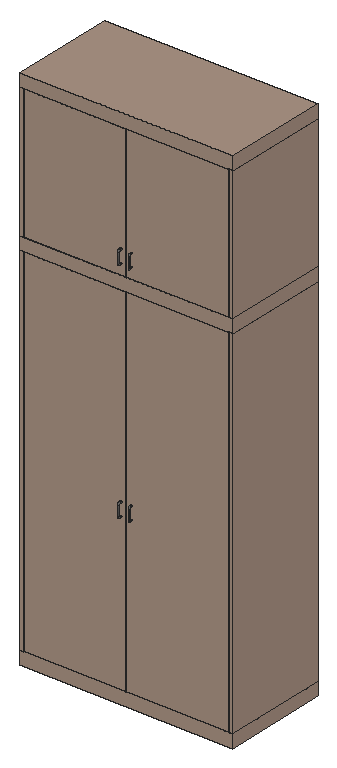
Revit family
Parameters (values of type "1200 x 600 mm")
  Width = 600 mm
  Material of Wardrobe = Wardrobe Material
  Wardrobe Height = 2100 mm
  Loft Storage Height = 825 mm
  Length = 1200 mm
  Material of Handle = Handle Material
Reference planes
  plane 1 "Center (Front/Back)": y = 0
  plane 2: z = 0
  plane 3 "Center (Left/Right)": x = 0
  plane 4: x = -600
  plane 5: x = 600
  plane 6: y = 300
  plane 7: y = -300
  plane 8: z = 2100
  plane 9: z = 2925
  plane 10: z = 3000
Forms (mm)
  Extrusion 1, solid, material "Wardrobe Material" <- "Material of Wardrobe"
    sketch origin (0, 0, 0) x (1, 0, 0) y (0, 1, 0)
      loop
        line (-600, 300) -> (-600, -300) -> (600, -300) -> (600, 300) -> (-600, 300)
    from 0 to 75
  Extrusion 2, solid, material "Wardrobe Material" <- "Material of Wardrobe"
    sketch origin (0, 0, 0) x (1, 0, 0) y (0, 1, 0)
      loop
        line (-600, 300) -> (-600, -300) -> (-581.213, -300) -> (-581.213, 281) -> (581.213, 281) -> (581.213, -300) -> (600, -300) -> (600, 300) -> (-600, 300)
      loop
        line (581, -300) -> (581, -281) -> (5, -281) -> (5, -300) -> (581, -300)
      loop
        line (-5, -281) -> (-581, -281) -> (-581, -300) -> (-5, -300) -> (-5, -281)
    from 75 to 2100
  Extrusion 3, solid, material "Wardrobe Material" <- "Material of Wardrobe"
    sketch origin (0, 0, 2100) x (0, -1, 0) y (-1, 0, 0)
      loop
        line (-300, 600) -> (-300, -600) -> (300, -600) -> (300, 600) -> (-300, 600)
    from 0 to -75
  Extrusion 4, solid, material "Wardrobe Material" <- "Material of Wardrobe"
    sketch origin (0, 0, 2100) x (0, -1, 0) y (-1, 0, 0)
      loop
        line (-300, 600) -> (-300, -600) -> (300, -600) -> (300, -581.213) -> (-281, -581.213) -> (-281, 581.213) -> (300, 581.213) -> (300, 600) -> (-300, 600)
      loop
        line (281, -581) -> (300, -581) -> (300, -5) -> (281, -5) -> (281, -581)
      loop
        line (281, 5) -> (300, 5) -> (300, 581) -> (281, 581) -> (281, 5)
    from -75 to -825
  Extrusion 5, solid, material "Wardrobe Material" <- "Material of Wardrobe"
    sketch origin (0, 0, 2925) x (0, -1, 0) y (-1, 0, 0)
      loop
        line (-300, 600) -> (-300, -600) -> (300, -600) -> (300, 600) -> (-300, 600)
    from 0 to -75
  Sweep 6, solid, material "Handle Material" <- "Material of Handle"
    path origin (0, 0, 0) x (0, 1, 0) y (0, 0, 1)
      loop
        line (-300, 950) -> (-311.884, 950)
        arc (-311.884, 950) -> (-318.054, 952.556) -> (-320.609, 958.725) r 8.725
        line (-320.609, 958.725) -> (-320.609, 1021.06)
        arc (-320.609, 1021.06) -> (-318.054, 1027.229) -> (-311.884, 1029.785) r 8.725
        line (-311.884, 1029.785) -> (-300, 1029.785)
    profile origin (0, 0, 989.892) x (0, -1, 0) y (1, 0, 0)
      loop
        circle (317.621, -29.622) r 3
  Sweep 7, solid, material "Handle Material" <- "Material of Handle"
    path origin (0, 0, 0) x (0, 1, 0) y (0, 0, -1)
      loop
        line (-300, -950) -> (-311.884, -950)
        arc (-311.884, -950) -> (-318.054, -952.556) -> (-320.609, -958.725) r 8.725
        line (-320.609, -958.725) -> (-320.609, -1021.06)
        arc (-320.609, -1021.06) -> (-318.054, -1027.229) -> (-311.884, -1029.785) r 8.725
        line (-311.884, -1029.785) -> (-300, -1029.785)
    profile origin (0, 0, 989.892) x (1, 0, 0) y (0, 1, 0)
      loop
        circle (29.622, -317.621) r 3
  Sweep 8, solid, material "Handle Material" <- "Material of Handle"
    path origin (0, 0, 1280) x (0, 1, 0) y (0, 0, 1)
      loop
        line (-300, 950) -> (-311.884, 950)
        arc (-311.884, 950) -> (-318.054, 952.556) -> (-320.609, 958.725) r 8.725
        line (-320.609, 958.725) -> (-320.609, 1021.06)
        arc (-320.609, 1021.06) -> (-318.054, 1027.229) -> (-311.884, 1029.785) r 8.725
        line (-311.884, 1029.785) -> (-300, 1029.785)
    profile origin (0, 0, 2269.892) x (0, -1, 0) y (1, 0, 0)
      loop
        circle (317.621, -29.622) r 3
  Sweep 9, solid, material "Handle Material" <- "Material of Handle"
    path origin (0, 0, 1280) x (0, 1, 0) y (0, 0, -1)
      loop
        line (-300, -950) -> (-311.884, -950)
        arc (-311.884, -950) -> (-318.054, -952.556) -> (-320.609, -958.725) r 8.725
        line (-320.609, -958.725) -> (-320.609, -1021.06)
        arc (-320.609, -1021.06) -> (-318.054, -1027.229) -> (-311.884, -1029.785) r 8.725
        line (-311.884, -1029.785) -> (-300, -1029.785)
    profile origin (0, 0, 2269.892) x (1, 0, 0) y (0, 1, 0)
      loop
        circle (29.622, -317.621) r 3
Lines and regions (mm)
  Masking region 1
    outline origin (0, 0, 2925) x (0, -1, 0) y (1, 0, 0)
      loop
        line (-300, 600) -> (-300, -600) -> (300, -600) -> (300, 600) -> (-300, 600)
Dimensions and locks
  equal spacing: plane 4, plane 3 "Center (Left/Right)", plane 5
  "Length": plane 4 to plane 5
  equal spacing: plane 7, plane 1 "Center (Front/Back)", plane 6
  "Width": plane 7 to plane 6
  "Wardrobe Height": plane 8 to level
  locked: plane 10 to plane 9 at 75
  "Loft Storage Height": plane 9 to plane 8
  plane 10 to level = 3000 mm
  aligned and locked: Extrusion 2 sketch curve to Extrusion 2 sketch curve
  aligned and locked: Extrusion 2 to Extrusion 1
  aligned and locked: plane 8 to Extrusion 2
  aligned and locked: Extrusion 3 to Extrusion 2
  aligned and locked: Extrusion 4 sketch curve to Extrusion 3  (x3)
  aligned and locked: Extrusion 4 sketch curve to Extrusion 2  (x13)
  aligned and locked: Extrusion 4 to Extrusion 3
  aligned and locked: plane 9 to Extrusion 4
  aligned and locked: Extrusion 5 to Extrusion 4
  aligned and locked: plane 10 to Extrusion 5
  aligned and locked: Masking region 1 sketch curve to Extrusion 5  (x4)
Automatic sketch dimensions
  Extrusion 2 sketch curve to plane 7 = 0 mm  (x3)
  plane 4 to Extrusion 2 sketch curve = 18.787 mm
  Extrusion 2 sketch curve to Extrusion 2 sketch curve = 0.213 mm  (x2)
  Extrusion 2 sketch curve to plane 3 "Center (Left/Right)" = 5 mm
  plane 3 "Center (Left/Right)" to Extrusion 2 sketch curve = 5 mm
  Extrusion 2 sketch curve to plane 5 = 19 mm
  Extrusion 2 sketch curve to plane 7 = 19 mm
  Extrusion 2 sketch curve to Extrusion 2 sketch curve = 0 mm
  plane 6 to Extrusion 2 sketch curve = 19 mm
  Sweep 6 sketch curve to plane 7 = 0 mm  (x2)
  plane 7 to Sweep 6 sketch curve = 11.884 mm
  Sweep 6 sketch curve to Sweep 6 sketch curve = 11.884 mm
  Sweep 6 sketch curve to Sweep 6 sketch curve = 8.725 mm
  Sweep 6 sketch curve to Sweep 6 sketch curve = 62.335 mm
  level to Sweep 6 sketch curve = 950 mm
  Sweep 6 sketch curve to plane 3 "Center (Left/Right)" = 29.622 mm
  profile plane to Sweep 6 sketch curve = 2.988 mm
  Sweep 7 sketch curve to plane 7 = 0 mm  (x2)
  plane 7 to Sweep 7 sketch curve = 11.884 mm
  Sweep 7 sketch curve to Sweep 7 sketch curve = 11.884 mm
  Sweep 7 sketch curve to Sweep 7 sketch curve = 8.725 mm
  level to Sweep 7 sketch curve = 1029.785 mm
  Sweep 7 sketch curve to Sweep 7 sketch curve = 62.335 mm
  Sweep 7 sketch curve to profile plane = 2.988 mm
  Sweep 8 sketch curve to plane 7 = 0 mm  (x2)
  plane 7 to Sweep 8 sketch curve = 11.884 mm
  Sweep 8 sketch curve to Sweep 8 sketch curve = 11.884 mm
  Sweep 8 sketch curve to Sweep 8 sketch curve = 8.725 mm
  Sweep 8 sketch curve to plane 8 = 130 mm
  Sweep 8 sketch curve to Sweep 8 sketch curve = 62.335 mm
  profile plane to Sweep 8 sketch curve = 2.988 mm
  Sweep 9 sketch curve to plane 7 = 0 mm  (x2)
  plane 7 to Sweep 9 sketch curve = 11.884 mm
  Sweep 9 sketch curve to Sweep 9 sketch curve = 11.884 mm
  Sweep 9 sketch curve to Sweep 9 sketch curve = 8.725 mm
  Sweep 9 sketch curve to plane 8 = 209.785 mm
  Sweep 9 sketch curve to Sweep 9 sketch curve = 62.335 mm
  Sweep 9 sketch curve to profile plane = 2.988 mm
  Extrusion 1 sketch curve to plane 4 = 0 mm
  Extrusion 1 sketch curve to plane 5 = 0 mm
  Extrusion 1 sketch curve to plane 7 = 0 mm
  Extrusion 1 sketch curve to plane 6 = 0 mm
  Extrusion 2 sketch curve to plane 4 = 0 mm
  Extrusion 2 sketch curve to plane 5 = 0 mm
  Extrusion 2 sketch curve to plane 6 = 0 mm
  Extrusion 3 sketch curve to plane 5 = 0 mm
  Extrusion 3 sketch curve to plane 6 = 0 mm
  Extrusion 3 sketch curve to plane 4 = 0 mm
  Extrusion 3 sketch curve to plane 7 = 0 mm
  Extrusion 5 sketch curve to plane 5 = 0 mm
  Extrusion 5 sketch curve to plane 6 = 0 mm
  Extrusion 5 sketch curve to plane 4 = 0 mm
  Extrusion 5 sketch curve to plane 7 = 0 mm
  radius of Sweep 6 sketch curve = 3 mm
  radius of Sweep 7 sketch curve = 3 mm
  radius of Sweep 8 sketch curve = 3 mm
  radius of Sweep 9 sketch curve = 3 mm
